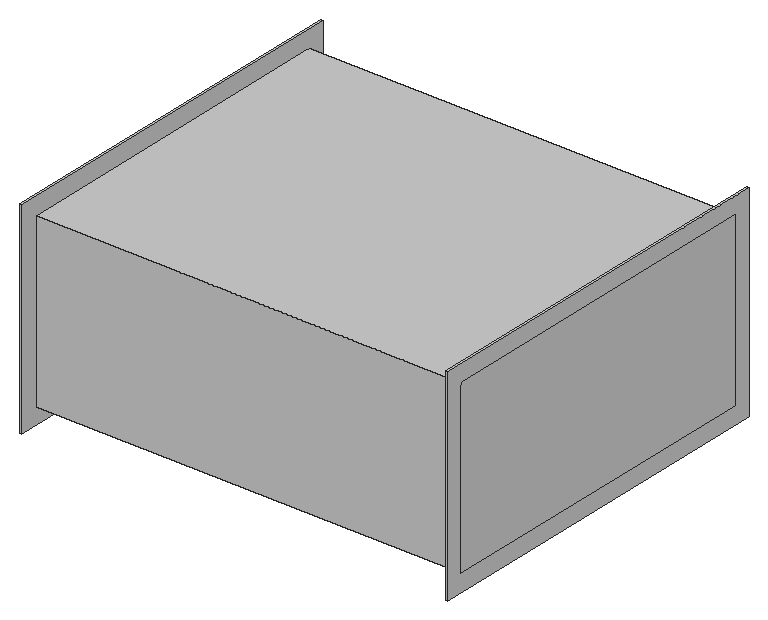
Revit family "VENTS-VKPF", category Mechanical Equipment, Revit 2019
Family settings
  Round Connector Dimension = Use Diameter
  Classification = None
  Part Type = Breaks Into
  OmniClass Number = 23.75.35.17.11
  OmniClass Title = Fans for Air Ductwork
  Work Plane-Based = No
  Always vertical = Yes
  Cut with Voids When Loaded = No
  Shared = No
  Room Calculation Point = No
Parameters (values of type "VKPF 4D 400х200")
  mR3 = 38 mm
  mL = 346 mm
  mW = 225 mm
  gsD = B / 2  # 200 mm
  eL = 118 mm
  eW = 310 mm
  dFl = (H2 - H) / 2  # 20 mm
  Weight = 17.50 kg
  Voltage = 400 V
  URL = "https://ventilation-system.com/product/vkpf-4d-400x200"
  Type Comments = "Inline centrifugal fan VKPF 4D 400х200"
  Transported Air Temperature (°C) = "-25...+45"
  RPM (min-1) = 1300
  Protection rating = "IP X4"
  Power Factor = 1
  Power = 282 W
  Number of Poles = 3
  Noise Level at 3 m (dBa) = 52
  Model = "VKPF 4D 400х200"
  Maximum Air Flow = 1470 m³/h
  Manufacturer = "Vents"
  Maintenance Zone Width = B  # 400 mm
  Maintenance Zone Material = Maintenance Zone
  Maintenance Zone Length = L  # 500 mm
  Maintenance Zone Height = 600 mm
  Maintenance Zone [instance] = no
  Load Classification = HVAC
  L = 500 mm
  H3 = 255 mm
  H2 = 240 mm
  H = 200 mm
  mR2 = 76 mm
  mR1 = 105 mm
  Flow direction symbol [instance] = yes
  Flow Factor [instance] = 1  # constant formula
  Family Version = "1.0"  # constant formula
  DistributionBox = no
  Description = "Inline centrifugal fan for rectangular ducts"
  Current = 0.6 A
  Copyright = "©Vents"
  Connection W = 400 mm
  Connection H = 200 mm
  Casing Material = Fan Zinc
  B2 = 440 mm
  B = 400 mm
  Apparent Power = Power / Power Factor  # 282 VA
  Air Flow [instance] = 0 m³/h
Types (16, lengths in mm): name | mR3 | mL | mW | gsD | eL | eW | Weight | Voltage | URL | Type Comments | Transported Air Temperature (°C) | RPM (min-1) | Power | Number of Poles | Noise Level at 3 m (dBa) | Model | Maximum Air Flow | Maintenance Zone Width | Maintenance Zone Length | L | H3 | H2 | H | mR2 | mR1 | DistributionBox | Current | Connection W | Connection H | B2 | B | Apparent Power
  VKPF 4Е 400х200 | 38 | 346 | 225 | 200 | 118 | 310 | 17.50 kg | 230 V | "https://ventilation-system.com/product/vkpf-4e-400x200" | "Inline centrifugal fan VKPF 4Е 400х200" | "-25...+40" | 1350 | 295 W | 1 | 50 | "VKPF 4Е 400х200" | 1440 m³/h | 400 | 500 | 500 | 255 | 240 | 200 | 76 | 105 | no | 1.32 A | 400 | 200 | 440 | 400 | 295 VA
  VKPF 4D 400х200 | 38 | 346 | 225 | 200 | 118 | 310 | 17.50 kg | 400 V | "https://ventilation-system.com/product/vkpf-4d-400x200" | "Inline centrifugal fan VKPF 4D 400х200" | "-25...+45" | 1300 | 282 W | 3 | 52 | "VKPF 4D 400х200" | 1470 m³/h | 400 | 500 | 500 | 255 | 240 | 200 | 76 | 105 | no | 0.6 A | 400 | 200 | 440 | 400 | 282 VA
  VKPF 4Е 500х250 | 47 | 461 | 258 | 250 | 150 | 412 | 24.00 kg | 230 V | "https://ventilation-system.com/product/vkpf-4e-500x250" | "Inline centrifugal fan VKPF 4Е 500х250" | "-20...+40" | 1250 | 535 W | 1 | 53 | "VKPF 4Е 500х250" | 1750 m³/h | 500 | 640 | 640 | 310 | 290 | 250 | 87 | 114 | no | 2.49 A | 500 | 250 | 540 | 500 | 535 VA
  VKPF 4D 500х250 | 47 | 461 | 258 | 250 | 150 | 412 | 24.00 kg | 400 V | "https://ventilation-system.com/product/vkpf-4d-500x250" | "Inline centrifugal fan VKPF 4D 500х250" | "-20...+40" | 1270 | 570 W | 3 | 54 | "VKPF 4D 500х250" | 1850 m³/h | 500 | 640 | 640 | 310 | 290 | 250 | 87 | 114 | no | 0.94 A | 500 | 250 | 540 | 500 | 570 VA
  VKPF 4Е 500х300 | 47 | 495 | 284 | 250 | 170 | 370 | 33.00 kg | 230 V | "https://ventilation-system.com/product/vkpf-4e-500x300" | "Inline centrifugal fan VKPF 4Е 500х300" | "-25...+70" | 1230 | 710 W | 1 | 57 | "VKPF 4Е 500х300" | 2350 m³/h | 500 | 680 | 680 | 365 | 340 | 300 | 95 | 126 | no | 3.1 A | 500 | 300 | 540 | 500 | 710 VA
  VKPF 4D 500х300 | 47 | 495 | 284 | 250 | 170 | 370 | 33.00 kg | 400 V | "https://ventilation-system.com/product/vkpf-4d-500x300" | "Inline centrifugal fan VKPF 4D 500х300" | "-25...+50" | 1300 | 855 W | 3 | 56 | "VKPF 4D 500х300" | 2350 m³/h | 500 | 680 | 680 | 365 | 340 | 300 | 95 | 126 | no | 1.7 A | 500 | 300 | 540 | 500 | 855 VA
  VKPF 4Е 600х300 | 68 | 462 | 308 | 300 | 117 | 495 | 35.00 kg | 230 V | "https://ventilation-system.com/product/vkpf-4e-600x300" | "Inline centrifugal fan VKPF 4Е 600х300" | "-25...+50" | 1210 | 1240 W | 1 | 59 | "VKPF 4Е 600х300" | 2950 m³/h | 600 | 680 | 680 | 375 | 340 | 300 | 110 | 148 | no | 6.45 A | 600 | 300 | 640 | 600 | 1240 VA
  VKPF 4D 600х300 | 68 | 462 | 308 | 300 | 117 | 495 | 35.00 kg | 400 V | "https://ventilation-system.com/product/vkpf-4d-600x300" | "Inline centrifugal fan VKPF 4D 600х300" | "-25...+65" | 1310 | 1560 W | 3 | 57 | "VKPF 4D 600х300" | 3740 m³/h | 600 | 680 | 680 | 375 | 340 | 300 | 110 | 148 | no | 2.73 A | 600 | 300 | 640 | 600 | 1560 VA
  VKPF 4Е 600х350 | 68 | 504 | 353 | 300 | 180 | 495 | 49.50 kg | 230 V | "https://ventilation-system.com/product/vkpf-4e-600x350" | "Inline centrifugal fan VKPF 4Е 600х350" | "-20...+40" | 1260 | 2480 W | 1 | 59 | "VKPF 4Е 600х350" | 4260 m³/h | 600 | 735 | 735 | 425 | 390 | 350 | 120 | 162 | no | 13.9 A | 600 | 350 | 640 | 600 | 2480 VA
  VKPF 4D 600х350 | 68 | 504 | 353 | 300 | 180 | 495 | 49.50 kg | 400 V | "https://ventilation-system.com/product/vkpf-4d-600x350" | "Inline centrifugal fan VKPF 4D 600х350" | "-20...+40" | 1300 | 2460 W | 3 | 60 | "VKPF 4D 600х350" | 5020 m³/h | 600 | 735 | 735 | 425 | 390 | 350 | 120 | 162 | no | 3.93 A | 600 | 350 | 640 | 600 | 2460 VA
  VKPF 4D 700х400 | 78 | 520 | 402 | 350 | 180 | 100 | 60.00 kg | 400 V | "https://ventilation-system.com/product/vkpf-4d-700x400" | "Inline centrifugal fan VKPF 4D 700х400" | "-25...+40" | 1320 | 3630 W | 3 | 65 | "VKPF 4D 700х400" | 6450 m³/h | 700 | 780 | 780 | 480 | 440 | 400 | 130 | 172 | yes | 6 A | 700 | 400 | 740 | 700 | 3630 VA
  VKPF 6D 700х400 | 78 | 520 | 402 | 350 | 180 | 100 | 56.00 kg | 400 V | "https://ventilation-system.com/product/vkpf-6d-700x400" | "Inline centrifugal fan VKPF 6D 700х400" | "-20...+70" | 890 | 1150 W | 3 | 58 | "VKPF 6D 700х400" | 4050 m³/h | 700 | 780 | 780 | 480 | 440 | 400 | 130 | 172 | yes | 2.3 A | 700 | 400 | 740 | 700 | 1150 VA
  VKPF 4D 800х500 | 78 | 608 | 452 | 400 | 210 | 138 | 74.00 kg | 400 V | "https://ventilation-system.com/product/vkpf-4d-800x500" | "Inline centrifugal fan VKPF 4D 800х500" | "-25...+40" | 1140 | 5850 W | 3 | 67 | "VKPF 4D 800х500" | 8120 m³/h | 800 | 880 | 880 | 580 | 540 | 500 | 159 | 202 | yes | 9.35 A | 800 | 500 | 840 | 800 | 5850 VA
  VKPF 6D 800х500 | 78 | 608 | 452 | 400 | 210 | 138 | 70.00 kg | 400 V | "https://ventilation-system.com/product/vkpf-6d-800x500" | "Inline centrifugal fan VKPF 6D 800х500" | "-20...+50" | 830 | 2790 W | 3 | 59 | "VKPF 6D 800х500" | 7610 m³/h | 800 | 880 | 880 | 580 | 540 | 500 | 159 | 202 | yes | 5.18 A | 800 | 500 | 840 | 800 | 2790 VA
  VKPF 6D 900х500 | 78 | 622 | 505 | 450 | 200 | 148 | 90.00 kg | 400 V | "https://ventilation-system.com/product/vkpf-6d-900x500" | "Inline centrifugal fan VKPF 6D 900х500" | "-20...+55" | 930 | 3870 W | 3 | 61 | "VKPF 6D 900х500" | 9540 m³/h | 900 | 954 | 954 | 580 | 540 | 500 | 195 | 240 | yes | 7 A | 900 | 500 | 940 | 900 | 3870 VA
  VKPF 6D 1000х500 | 78 | 622 | 505 | 500 | 200 | 148 | 95.00 kg | 400 V | "https://ventilation-system.com/product/vkpf-6d-1000x500" | "Inline centrifugal fan VKPF 6D 1000х500" | "-20...+55" | 930 | 3870 W | 3 | 61 | "VKPF 6D 1000х500" | 9540 m³/h | 1000 | 954 | 954 | 580 | 540 | 500 | 195 | 240 | yes | 7 A | 1000 | 500 | 1040 | 1000 | 3870 VA
Reference planes
  plane 1 "Center (Front/Back)": y = 0
  plane 2: z = 0
  plane 3 "Center (Left/Right)": x = 0
  plane 4 "Right": x = 500
  plane 5: y = 200
  plane 6: y = -200
  plane 7 "Top": z = 100
  plane 8 "MotorW": y = 25
  plane 9 "MotorL": x = 346
  plane 10: z = -155
  plane 11 "ElectricalConL": x = 118
  plane 12 "ElectricalConW": y = 110
  plane 13 "GraphicSymbolL": x = 250
  plane 14 "Bottom": z = -100
  plane 15: z = -105
  plane 16: x = 471
  plane 17: x = 422
  plane 18: z = -148
  plane 19: x = 451
  plane 20: x = 384
Forms (mm)
  Extrusion 1, solid, material "Fan Zinc" <- "Casing Material", detail levels medium+fine
    sketch origin (0, 0, 0) x (1, 0, 0) y (0, 1, 0)
      loop
        line (0, 200) -> (0, -200) -> (500, -200) -> (500, 200) -> (0, 200)
    from -100 to 100
  Sweep 2, solid, material "Fan Zinc" <- "Casing Material", detail levels fine
    path in 3D
      loop
        line (0, -200, 100) -> (0, -200, -100) -> (0, 200, -100) -> (0, 200, 100) -> (0, -200, 100)
    profile origin (0, 0, 100) x (1, 0, 0) y (0, 0, 1)
      loop
        line (0, 0) -> (1.992, 0) -> (1.992, 20) -> (0, 20) -> (0, 0)
  Sweep 3, solid, material "Fan Zinc" <- "Casing Material", detail levels fine
    path in 3D
      loop
        line (500, 200, 100) -> (500, 200, -100) -> (500, -200, -100) -> (500, -200, 100) -> (500, 200, 100)
    profile origin (500, 0, 100) x (-1, 0, 0) y (0, 0, 1)
      loop
        line (0, 0) -> (1.988, 0) -> (1.988, 20) -> (0, 20) -> (0, 0)
  Extrusion 4, solid, material "Distribution Box", detail levels medium+fine
    sketch origin (-699.46, -1524, -100) x (-1, 0, 0) y (0, -1, 0)
      loop
        circle (-817.46, -1634) r 5
    from 0 to -5
  Revolve 5, solid, material "Fan Zinc" <- "Casing Material", detail levels medium+fine
    sketch origin (0, 25, 0) x (-1, 0, 0) y (0, 0, 1)
      loop
        line (-471, -100) -> (-471, -105) -> (-453.86, -105)
        arc (-453.86, -105) -> (-451.377, -105.66) -> (-449.55, -107.465) r 5
        line (-449.55, -107.465) -> (-423.45, -145.535)
        arc (-423.45, -145.535) -> (-421.623, -147.34) -> (-419.14, -148) r 5
        line (-419.14, -148) -> (-384, -148) -> (-384, -150)
        arc (-384, -150) -> (-382.536, -153.536) -> (-379, -155) r 5
        line (-379, -155) -> (-346, -155) -> (-346, -100) -> (-471, -100)
      axis (-346, -155) -> (-346, -100)
    angle from 0 to 360
Lines and regions (mm)
  sketch lines
    curve 1: line (0, 200, 100) -> (0, -200, 100)
    curve 2: line (0, -200, 100) -> (0, -200, -100)
    curve 3: line (0, -200, -100) -> (0, 200, -100)
    curve 4: line (0, 200, 100) -> (0, 200, -100)
    curve 5: line (500, -200, 100) -> (500, 200, 100)
    curve 6: line (500, 200, 100) -> (500, 200, -100)
    curve 7: line (500, 200, -100) -> (500, -200, -100)
    curve 8: line (500, -200, 100) -> (500, -200, -100)
  model lines, detail levels coarse
    curve 9: line (0, 200, 0) -> (500, 200, 0)
    curve 10: line (0, -200, 0) -> (0, 200, 0)
    curve 11: line (500, -200, 0) -> (0, -200, 0)
    curve 12: line (500, 200, 0) -> (500, -200, 0)
Dimensions and locks
  "L": plane 3 "Center (Left/Right)" to plane 4 "Right"
  equal spacing: plane 5, plane 1 "Center (Front/Back)", plane 6
  "B": plane 5 to plane 6
  "dFl": Sweep 2 sketch curve to plane 7 "Top"
  "dFl": Sweep 3 sketch curve to profile plane
  "mW": plane 8 "MotorW" to plane 6
  "mL": plane 3 "Center (Left/Right)" to plane 9 "MotorL"
  "eL": plane 3 "Center (Left/Right)" to plane 11 "ElectricalConL"
  equal spacing: plane 3 "Center (Left/Right)", plane 13 "GraphicSymbolL", plane 4 "Right"
  equal spacing: plane 7 "Top", level, plane 14 "Bottom"
  "H": plane 7 "Top" to plane 14 "Bottom"
  "H3": plane 7 "Top" to plane 10
  "mR2": plane 17 to plane 9 "MotorL"
  "mR3": plane 20 to plane 9 "MotorL"
  "mR1": plane 19 to plane 9 "MotorL"
  locked: plane 19 to plane 16 at 20
  locked: plane 15 to plane 14 "Bottom" at 5
  locked: plane 10 to plane 18 at 7
  "eW": plane 12 "ElectricalConW" to plane 6
  aligned and locked: level to plane 2
  aligned and locked: Extrusion 1 sketch curve to plane 5
  aligned and locked: plane 3 "Center (Left/Right)" to Extrusion 1 sketch curve
  aligned and locked: plane 6 to Extrusion 1 sketch curve
  aligned and locked: Extrusion 1 sketch curve to plane 4 "Right"
  aligned and locked: plane 7 "Top" to Extrusion 1
  aligned and locked: Extrusion 1 to plane 14 "Bottom"
  aligned and locked: curve 9 to Extrusion 1
  aligned and locked: curve 10 to Extrusion 1
  aligned and locked: curve 11 to Extrusion 1
  aligned and locked: curve 12 to Extrusion 1
  aligned and locked: plane 14 "Bottom" to Revolve 5 sketch curve
  aligned and locked: Revolve 5 sketch curve to plane 16
  aligned and locked: Revolve 5 sketch curve to plane 15
  aligned and locked: Revolve 5 sketch curve to plane 18
  aligned and locked: Revolve 5 sketch curve to plane 9 "MotorL"  (x2)
  aligned and locked: plane 11 "ElectricalConL" to nested 1
  aligned and locked: plane 12 "ElectricalConW" to nested 1
  aligned and locked: plane 13 "GraphicSymbolL" to nested 2
  aligned and locked: plane 1 "Center (Front/Back)" to nested 2
  aligned and locked: plane 13 "GraphicSymbolL" to nested 3
  aligned and locked: plane 2 to nested 3
  aligned and locked: plane 1 "Center (Front/Back)" to nested 4
  aligned and locked: plane 13 "GraphicSymbolL" to nested 4
  aligned and locked: plane 1 "Center (Front/Back)" to nested 5
  aligned and locked: plane 3 "Center (Left/Right)" to nested 5
Automatic sketch dimensions
  Extrusion 4 sketch curve to plane 11 "ElectricalConL" = 0 mm
  Extrusion 4 sketch curve to plane 12 "ElectricalConW" = 0 mm
  profile plane to Sweep 2 sketch curve = 0 mm
  Sweep 2 sketch curve to profile plane = 0 mm
  Sweep 2 sketch curve to profile plane = 1.992 mm
  Sweep 3 sketch curve to profile plane = 0 mm  (x2)
  Sweep 3 sketch curve to profile plane = 1.988 mm
  plane 20 to Revolve 5 sketch curve = 0 mm
  Revolve 5 sketch curve to plane 10 = 0 mm
  Revolve 5 sketch curve to plane 19 = 2.86 mm
  plane 19 to Revolve 5 sketch curve = 1.45 mm
  Revolve 5 sketch curve to plane 17 = 1.45 mm
  plane 17 to Revolve 5 sketch curve = 2.86 mm
  plane 20 to Revolve 5 sketch curve = 5 mm
  plane 18 to Revolve 5 sketch curve = 2.465 mm
  Revolve 5 sketch curve to Revolve 5 sketch curve = 5 mm
  Revolve 5 sketch curve to Revolve 5 sketch curve = 641.217 mm
  plane 7 "Top" to Revolve 5 sketch curve = 843.449 mm
  radius of Extrusion 4 sketch curve = 5 mm
Nested families
  nested 1: "DistributionBox" at (118, 110, -100) x (1, 0, 0) z (0, 0, -1), visible <- "DistributionBox", type "DistributionBox", detail levels medium+fine
    with Hcover 14 mm, Hcon 20 mm, H1 40 mm, ConD 20 mm, ConB 27 mm, ConA 27 mm, B 108 mm, A 108 mm
  nested 2: "GraphicalSymbol_Fun_FlowDirection" at (250, 0, 0), visible <- "Flow direction symbol", type "GraphicalSymbol_Fun_FlowDirection", detail levels medium+fine
  nested 3: "GraphicalSymbol_Fun_FlowDirection" at (250, 0, 0) x (1, 0, 0) z (0, 1, 0), visible <- "Flow direction symbol", type "GraphicalSymbol_Fun_FlowDirection", detail levels medium+fine
  nested 4: "GraphicalSymbol_Fan_2" at (250, 0, 0), type "GraphicalSymbol_Fan_2", detail levels coarse
    with Diameter 200 mm, B 96 mm, A 70 mm
  nested 5: "MaintenanceZone_Rect" at (250, 0, -100), visible <- "Maintenance Zone", type "MaintenanceZone_Rect"
    with Maintenance Zone Width 400 mm, Maintenance Zone Length 500 mm, Maintenance Zone Height 600 mm
Connectors
  hvac at (0, 0, 0), driven by "Connection H", driven by "Connection W", driven by "Air Flow", driven by "Flow Factor"
    settings: on Extrusion 1, index 1, duct flow 0 m³/h, flow factor 1, pres drop 0.0 Pa, loss coef 0, conn angle 0.00°, conn width 400 mm, conn height 200 mm, conn diameter 609.6 mm, duct sys type 29, conn prof type 1, flow config 0, flow direction 1, loss method 0, conn ref index 2, conn util no, is conn primary yes, conn desc ""
  hvac at (500, 0, 0), driven by "Connection H", driven by "Connection W", driven by "Air Flow"
    settings: on Extrusion 1, index 2, duct flow 0 m³/h, flow factor 1, pres drop 0.0 Pa, loss coef 0, conn angle 0.00°, conn width 400 mm, conn height 200 mm, conn diameter 609.6 mm, duct sys type 29, conn prof type 1, flow config 0, flow direction 2, loss method 0, conn ref index 1, conn util no, is conn primary no, conn desc ""
  electrical at (118, 110, -100), driven by "Number of Poles", driven by "Load Classification", driven by "Voltage", driven by "Apparent Power", driven by "Power Factor"
    settings: on Extrusion 4, index 3, voltage 400 V, apparent load 282 VA, apparent load phase1 0 VA, apparent load phase2 0 VA, apparent load phase3 0 VA, power factor 1, load classification "HVAC", number of poles 3, system type 30, power factor state 1, is connector primary yes, connector utility no, sub classification motor no, connector description ""
Definition of nested family "DistributionBox"
  Parameters (values of type "DistributionBox")
    Hcover = 10 mm
    Hcon = H1 / 2  # 12.5 mm
    H1 = 25 mm
    Distribution Box Material = none
    Default Elevation = 1219.2 mm
    ConD = 12 mm
    ConB = B / 4  # 12.5 mm
    ConA = A / 4  # 12.5 mm
    B = A  # 50 mm
    A = 50 mm
  Reference planes
    plane 1 "Center (Front/Back)": y = 0
    plane 2: z = 0
    plane 3 "Center (Left/Right)": x = 0
    plane 4: x = -25
    plane 5: x = 25
    plane 6: y = 25
    plane 7 "bottom": y = -25
    plane 8: z = 25
    plane 9: z = 35
    plane 10: x = -12.5
    plane 11: x = 12.5
    plane 12: y = 12.5
    plane 13: y = -12.5
    plane 14: z = 12.5
  Forms (mm)
    Extrusion 1, solid, material <- "Distribution Box Material"
      sketch origin (0, 0, 0) x (1, 0, 0) y (0, 1, 0)
        loop
          arc (-22, 25) -> (-24.121, 24.121) -> (-25, 22) r 3
          line (-25, 22) -> (-25, -22)
          arc (-25, -22) -> (-24.121, -24.121) -> (-22, -25) r 3
          line (-22, -25) -> (22, -25)
          arc (22, -25) -> (24.121, -24.121) -> (25, -22) r 3
          line (25, -22) -> (25, 22)
          arc (25, 22) -> (24.121, 24.121) -> (22, 25) r 3
          line (22, 25) -> (-22, 25)
      from 0 to 25
    Extrusion 2, solid, material <- "Distribution Box Material"
      sketch origin (0, 0, 0) x (1, 0, 0) y (0, 1, 0)
        loop
          arc (-22, 25) -> (-24.121, 24.121) -> (-25, 22) r 3
          line (-25, 22) -> (-25, -22)
          arc (-25, -22) -> (-24.121, -24.121) -> (-22, -25) r 3
          line (-22, -25) -> (22, -25)
          arc (22, -25) -> (24.121, -24.121) -> (25, -22) r 3
          line (25, -22) -> (25, 22)
          arc (25, 22) -> (24.121, 24.121) -> (22, 25) r 3
          line (22, 25) -> (-22, 25)
      from 25 to 35
    Extrusion 3, void
      sketch origin (-568.953, -25, 1200) x (1, 0, 0) y (0, 0, 1)
        loop
          circle (556.453, -1187.5) r 6
      from -2.025 to 0
  Cuts and joins
    Extrusion 3 cuts Extrusion 1
    Extrusion 3 cuts Extrusion 2
  Dimensions and locks
    equal spacing: plane 6, plane 1 "Center (Front/Back)", plane 7 "bottom"
    equal spacing: plane 4, plane 3 "Center (Left/Right)", plane 5
    "A": plane 6 to plane 7 "bottom"
    "B": plane 4 to plane 5
    "H1": level to plane 8
    "Hcover": plane 8 to plane 9
    "ConA": plane 1 "Center (Front/Back)" to plane 12
    "ConA": plane 13 to plane 1 "Center (Front/Back)"
    "ConB": plane 10 to plane 3 "Center (Left/Right)"
    "ConB": plane 3 "Center (Left/Right)" to plane 11
    "Hcon": plane 14 to level
    "ConD": diameter of Extrusion 3 sketch curve
    aligned and locked: level to plane 2
    aligned and locked: Extrusion 1 sketch curve to plane 6
    aligned and locked: plane 4 to Extrusion 1 sketch curve
    aligned and locked: plane 7 "bottom" to Extrusion 1 sketch curve
    aligned and locked: Extrusion 1 sketch curve to plane 5
    aligned and locked: plane 8 to Extrusion 1
    aligned and locked: plane 4 to Extrusion 2 sketch curve
    aligned and locked: Extrusion 2 sketch curve to plane 5
    aligned and locked: Extrusion 2 sketch curve to plane 6
    aligned and locked: plane 7 "bottom" to Extrusion 2 sketch curve
    aligned and locked: Extrusion 2 to plane 8
    aligned and locked: plane 9 to Extrusion 2
  Automatic sketch dimensions
    Extrusion 1 sketch curve to Extrusion 1 sketch curve = 3 mm  (x2)
    Extrusion 1 sketch curve to plane 5 = 3 mm  (x2)
    plane 4 to Extrusion 2 sketch curve = 3 mm
    Extrusion 2 sketch curve to Extrusion 2 sketch curve = 3 mm
    Extrusion 2 sketch curve to plane 5 = 3 mm  (x2)
    Extrusion 3 sketch curve to plane 10 = 0 mm
    Extrusion 3 sketch curve to plane 14 = 0 mm
Definition of nested family "MaintenanceZone_Rect"
  Parameters (values of type "MaintenanceZone_Rect")
    Maintenance Zone Width = 500 mm
    Material = none
    Maintenance Zone Length = 1000 mm
    Maintenance Zone Height = 300 mm
    Family Version = ""
    Default Elevation = 1219.2 mm
    Copyright = ""
  Reference planes
    plane 1 "Center (Front/Back)": y = 0
    plane 2: z = 0
    plane 3 "Center (Left/Right)": x = 0
    plane 4: x = -500
    plane 5: x = 500
    plane 6: y = 250
    plane 7: y = -250
    plane 8: z = -300
  Forms (mm)
    Extrusion 1, solid, material <- "Material", detail levels medium+fine
      sketch origin (0, 0, 0) x (1, 0, 0) y (0, 1, 0)
        loop
          line (-500, 250) -> (-500, -250) -> (500, -250) -> (500, 250) -> (-500, 250)
      from 0 to -300
  Lines and regions (mm)
    symbolic lines, detail levels medium+fine
      curve 1: line (-500, 0, 0) -> (500, 0, 0)
      curve 2: line (-500, 0, -300) -> (-500, 0, 0)
      curve 3: line (500, 0, -300) -> (-500, 0, -300)
      curve 4: line (500, 0, 0) -> (500, 0, -300)
      curve 5: line (0, 250, 0) -> (0, -250, 0)
      curve 6: line (0, 250, -300) -> (0, 250, 0)
      curve 7: line (0, -250, -300) -> (0, 250, -300)
      curve 8: line (0, -250, 0) -> (0, -250, -300)
      curve 9: line (-500, 250, 0) -> (500, 250, 0)
      curve 10: line (-500, -250, 0) -> (-500, 250, 0)
      curve 11: line (500, -250, 0) -> (-500, -250, 0)
      curve 12: line (500, 250, 0) -> (500, -250, 0)
  Dimensions and locks
    equal spacing: plane 6, plane 1 "Center (Front/Back)", plane 7
    equal spacing: plane 4, plane 3 "Center (Left/Right)", plane 5
    "Maintenance Zone Width": plane 6 to plane 7
    "Maintenance Zone Length": plane 4 to plane 5
    "Maintenance Zone Height": plane 2 to plane 8
    aligned and locked: level to plane 2
    aligned and locked: Extrusion 1 sketch curve to plane 6
    aligned and locked: plane 4 to Extrusion 1 sketch curve
    aligned and locked: plane 7 to Extrusion 1 sketch curve
    aligned and locked: Extrusion 1 sketch curve to plane 5
    aligned and locked: Extrusion 1 to plane 8
    aligned and locked: curve 1 to Extrusion 1
    aligned and locked: curve 2 to Extrusion 1
    aligned and locked: curve 3 to Extrusion 1
    aligned and locked: curve 4 to Extrusion 1
    aligned and locked: curve 5 to Extrusion 1
    aligned and locked: curve 6 to Extrusion 1
    aligned and locked: curve 7 to Extrusion 1
    aligned and locked: curve 8 to Extrusion 1
    aligned and locked: curve 9 to Extrusion 1
    aligned and locked: curve 10 to Extrusion 1
    aligned and locked: curve 11 to Extrusion 1
    aligned and locked: curve 12 to Extrusion 1
Definition of nested family "GraphicalSymbol_Fun_FlowDirection"
  Parameters (values of type "GraphicalSymbol_Fun_FlowDirection")
    Length = 100 mm
    Height = Length  # 100 mm
    B = Length / 2  # 50 mm
    A = Length / 3  # 33.333 mm
  Reference planes
    plane 1 "Center (Front/Back)": y = 0
    plane 2: z = 0
    plane 3 "Center (Left/Right)": x = 0
    plane 4: x = -33.333
    plane 5: x = 50
    plane 6: y = 50
    plane 7: y = -50
  Lines and regions (mm)
    detail lines, in view "Ref. Level"
      curve 1: line (-33.333, 50, 0) -> (-33.333, -50, 0)
      curve 2: line (50, 0, 0) -> (-33.333, -50, 0)
      curve 3: line (50, 0, 0) -> (-33.333, 50, 0)
  Dimensions and locks
    "A": plane 4 to plane 3 "Center (Left/Right)"
    "B": plane 3 "Center (Left/Right)" to plane 5
    equal spacing: plane 6, plane 1 "Center (Front/Back)", plane 7
    "Height": plane 6 to plane 7
    aligned and locked: curve 1 to plane 4
  Automatic sketch dimensions
    plane 1 "Center (Front/Back)" to curve 3 = 0 mm
    curve 3 to plane 5 = 0 mm
    curve 2 to plane 7 = 0 mm
    curve 3 to plane 6 = 0 mm
Definition of nested family "GraphicalSymbol_Fan_2"
  Parameters (values of type "GraphicalSymbol_Fan_2")
    Diameter = 100 mm
    Default Elevation = 1219.2 mm
    B = Diameter * 0.48  # 48 mm
    A = Diameter * 0.35  # 35 mm
  Reference planes
    plane 1 "Center (Front/Back)": y = 0
    plane 2: z = 0
    plane 3 "Center (Left/Right)": x = 0
    plane 4: x = -35
    plane 5: x = 48
  Lines and regions (mm)
    model lines
      curve 1: circle (0, 0, 0) r 50 normal (0, 0, 1)
      curve 4: line (-35, 35.707, 0) -> (48, 14, 0)
      curve 5: line (-35, -35.707, 0) -> (48, -14, 0)
    reference lines
      curve 2: line (50, 141.389, 0) -> (50, -158.611, 0)
      curve 3: line (-50, 141.389, 0) -> (-50, -158.611, 0)
  Dimensions and locks
    equal spacing: curve 3, plane 3 "Center (Left/Right)", curve 2
    "Diameter": curve 3 to curve 2
    "A": plane 4 to plane 3 "Center (Left/Right)"
    "B": plane 3 "Center (Left/Right)" to plane 5
    "Diameter": diameter of curve 1
    aligned and locked: level to plane 2
  Automatic sketch dimensions
    curve 4 to plane 4 = 0 mm
    curve 5 to plane 4 = 0 mm
    plane 1 "Center (Front/Back)" to curve 1 = 0 mm
    curve 1 to plane 3 "Center (Left/Right)" = 0 mm
    curve 5 to plane 5 = 0 mm
    curve 4 to plane 5 = 0 mm
    plane 1 "Center (Front/Back)" to curve 2 = 158.611 mm
    curve 3 to curve 2 = 0 mm  (x2)
    curve 3 to plane 1 "Center (Front/Back)" = 141.389 mm
